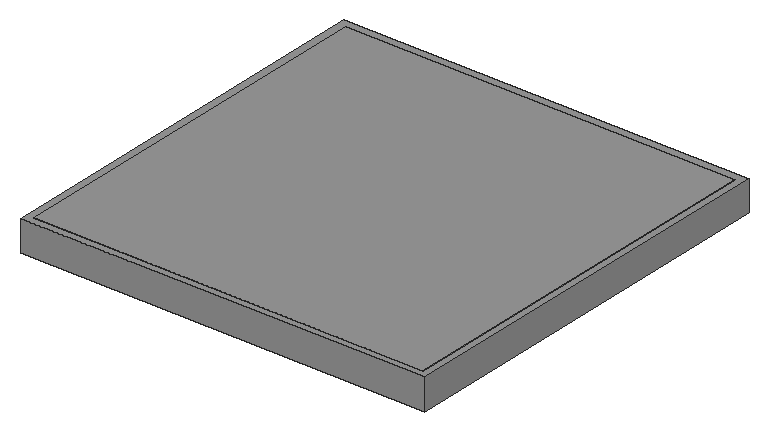
Revit family "ДВО-09 30 Вт Грильято DALI", category Осветительные приборы, Revit 2019 (continued)
Types (6, lengths in mm): name | Эффективность светильника | Файл фотометрической сетки | Тип рассеивателя | Световой поток модуля | built-in parameter 1150142 | Wattage | built-in parameter 1114217 | built-in parameter 1150134 | Lumens | built-in parameter 1150105 | Категория по ограничению яркости | built-in parameter 1150107 | built-in parameter 1150106 | Габаритная яркость | Артикул | URL
    147.8 143.3 139.5 134.9 131.1 126.7 123 118.6 114.9 110.8 107.2 103.1 99.8 96 92.8 89.1 86.2 82.9 80.1 76.9 74.4 71.6 69.1 66.4 64.2 61.8 59.7 57.5 55.6 53.6 51.8 49.9 48.3 46.6 45.1 43.5 42.1 40.6 39.3 38 36.9 35.6 34.5 33.3 32.3 31.1 30.1 28.8 27.8 26.5 25.3 24 22.8 21.4 20.1 18.7 17.4 15.9 14.6 13.1 11.7 10.3 8.9 7.5 6.4 5.2 4.4\r\n433.4 433.4 433.5 433.5 433.4 433.3 433.2 433.3 433.1 433 432.8 432.6 432.3 432.1 431.8 431.4 431.2 430.6 430.4 429.7 429.3 428.7 428.2 427.4 427 426.3 425.6 424.9 424.1 423.4 422.5 421.6 420.8 419.8 418.9 417.7 416.7 415.4 414.3 412.9 411.8 410.3 408.9 407.4 405.9 404.4 402.8 401 399.3 397.6 395.9 393.9 392.3 390.2 388.4 386.1 384.2 381.9 379.8 377.4 375.3 372.6 370.1 367.4 364.7 361.7 358.7 355.4 352.3 348.6 345.2 341.2 337.6 333.2 329.2 324.4 320.3 315.3 310.7 305.6 301 295.8 291 285.7 281.1 276 271.3 266.2 261.9 256.9 252.5 247.7 243.5 238.5 234.4 229.7 225.5 220.6 216.4 211.8 207.6 202.9 198.8 194.4 190.4 185.8 181.9 177.5 173.8 169.4 165.6 161.5 157.9 153.7 150.3 146.3 142.9 138.9 135.6 131.9 128.7 125 121.9 118.4 115.4 111.9 108.9 105.7 102.8 99.5 96.7 93.7 91 87.9 85.4 82.5 79.9 77 74.7 72 69.6 67.1 64.7 62.2 59.9 57.4 55.3 52.9 50.8 48.5 46.5 44.3 42.5 40.5 38.9 37.1 35.5 34 32.6 31.2 29.8 28.4 27.3 25.9 24.7 23.3 22.2 20.9 19.7 18.4 17.2 16 14.8 13.5 12.3 11.1 10 8.8 7.7 6.6 5.6\r\n433.6 433.6 433.6 433.6 433.6 433.6 433.4 433.4 433.2 433 432.8 432.5 432.2 431.8 431.5 431.1 430.8 430.2 429.9 429.3 428.9 428.1 427.5 426.7 426.1 425.3 424.6 423.7 422.9 422.1 421.3 420.4 419.4 418.4 417.4 416.1 415 413.7 412.5 411.1 409.8 408.4 407 405.3 403.8 402.1 400.5 398.5 396.8 394.9 393 390.8 388.8 386.5 384.3 381.8 379.6 377 374.6 371.7 369.1 366 363 359.6 356.3 352.6 349 344.7 340.9 336.3 332 327.1 322.7 317.6 312.8 307.5 303 297.8 293 287.9 283.4 278.4 274 269.1 264.9 260.3 256 251.3 247.3 242.8 238.6 234.2 230.2 225.5 221.6 217.1 213 208.3 204.4 199.8 195.8 191.2 187.3 183 179.1 174.7 170.9 166.7 163.1 158.9 155.3 151.4 147.9 143.9 140.6 136.8 133.5 129.6 126.3 122.6 119.3 115.5 112.3 108.7 105.6 101.9 98.9 95.5 92.6 89.3 86.5 83.6 80.9 77.9 75.5 72.8 70.4 67.7 65.6 63.2 61.1 58.9 56.9 54.7 52.8 50.7 48.9 46.7 44.9 43 41.3 39.5 38 36.5 35.2 33.8 32.6 31.3 30.3 29.1 28 26.7 25.7 24.4 23.2 21.9 20.7 19.3 18 16.6 15.4 14 12.7 11.3 10.1 8.8 7.7 6.5 5.7 4.9 4.2\r\n433.7 433.7 433.8 433.8 433.8 433.8 433.7 433.5 433.3 433 432.8 432.5 432.1 431.6 431.3 430.8 430.4 429.9 429.5 428.9 428.4 427.6 426.9 426 425.3 424.4 423.6 422.5 421.7 420.8 420 419.1 418.1 417 415.9 414.6 413.4 412 410.8 409.2 407.9 406.4 405 403.3 401.7 399.9 398.2 396.1 394.3 392.1 390.1 387.7 385.4 382.8 380.3 377.5 375 372.1 369.3 366 362.9 359.3 355.8 351.8 348 343.5 339.2 334.1 329.4 324 318.8 312.9 307.8 301.9 296.5 290.7 285.7 280.2 275.2 270.1 265.8 261.1 257 252.5 248.7 244.5 240.7 236.4 232.8 228.7 224.8 220.6 216.9 212.5 208.8 204.5 200.6 196.1 192.3 187.9 184.1 179.6 175.8 171.6 167.9 163.6 159.9 155.9 152.3 148.3 144.9 141.2 137.9 134.1 130.9 127.3 124 120.2 117 113.3 110 106.1 102.8 99.1 95.8 91.9 88.8 85.3 82.5 79.1 76.4 73.4 70.9 67.9 65.6 63 60.9 58.4 56.5 54.4 52.6 50.7 49 47.3 45.7 43.9 42.4 40.6 39.1 37.5 36.1 34.8 33.5 32.5 31.5 30.4 29.6 28.7 28 27 26.1 25 24.1 22.8 21.7 20.4 19.2 17.7 16.4 14.8 13.5 12 10.6 9.1 7.9 6.4 5.4 4.3 3.7 3.2 2.8\r\n433.6 433.6 433.6 433.6 433.7 433.6 433.6 433.4 433.3 433.1 432.8 432.5 432.2 431.8 431.5 431 430.6 430.1 429.7 429.2 428.6 427.9 427.2 426.4 425.8 424.9 424.1 423.2 422.3 421.5 420.7 419.7 418.8 417.7 416.7 415.4 414.3 413 411.8 410.3 409 407.5 406.1 404.4 402.9 401.1 399.5 397.5 395.8 393.8 391.8 389.6 387.5 385.1 382.8 380.3 377.9 375.2 372.4 369.3 366.4 363 359.6 355.7 352.2 347.9 343.8 339 334.7 329.8 325 319.7 315.1 309.9 305.1 300 295.6 290.7 286.3 281.6 277.7 273.2 269.3 265.1 261.4 257.3 253.5 249.3 245.8 241.7 237.8 233.7 230 225.5 221.7 217.4 213.5 208.9 205.1 200.6 196.7 192 188.2 183.8 180 175.5 171.8 167.5 163.9 159.6 156 151.9 148.2 143.9 140.3 136.1 132.3 127.8 124 119.6 115.7 111.2 107.3 103.1 99.3 95 91.5 87.5 84.2 80.4 77.3 73.9 71.1 67.8 65.2 62.3 59.9 57.2 55 52.7 50.7 48.6 46.9 45 43.4 41.7 40.4 38.9 37.5 36.3 35.2 34.2 33.2 32.3 31.6 30.8 30.1 29.4 28.8 27.9 27.2 26.3 25.4 24.4 23.5 22.4 21.3 20.1 18.9 17.4 16.1 14.5 12.9 11.2 9.8 8.2 7 5.6 4.7 3.8 3.1\r\n433.4 433.5 433.5 433.5 433.6 433.5 433.4 433.3 433.2 433.1 432.8 432.6 432.3 432 431.6 431.3 430.9 430.4 429.9 429.5 428.8 428.3 427.6 426.9 426.3 425.4 424.7 423.9 423 422.2 421.3 420.3 419.5 418.4 417.5 416.2 415.2 413.9 412.8 411.4 410.1 408.6 407.2 405.5 404.1 402.4 400.8 399 397.2 395.4 393.6 391.5 389.6 387.4 385.4 383 380.8 378.2 375.6 372.7 369.9 366.6 363.5 359.6 356.3 352.2 348.3 344 340 335.5 331.3 326.5 322.5 317.8 313.7 309.4 305.6 301.3 297.4 293.1 289.5 285.4 281.7 277.7 274.1 270.1 266.4 262.3 258.8 254.7 250.9 246.7 243 238.5 234.7 230.3 226.5 221.8 217.8 213.3 209.3 204.5 200.6 196.1 192.2 187.5 183.7 179.2 175.4 170.9 167.1 162.6 158.6 153.8 149.7 144.9 140.5 135.3 130.9 125.8 121.5 116.3 111.9 107 102.9 98 94.1 89.7 85.9 81.7 78.2 74.4 71.2 67.6 64.7 61.6 58.9 56 53.6 51 48.9 46.5 44.7 42.8 41.1 39.5 38.4 37.1 36 35.1 34.3 33.6 32.9 32.2 31.8 31.1 30.6 30 29.5 28.8 28.2 27.5 26.7 26 25.2 24.3 23.5 22.6 21.4 20 18.6 16.9 15.2 13.4 11.8 10 8.5 6.9 5.6 4.3 3.3\r\n433.4 433.6 433.6 433.6 433.6 433.6 433.5 433.5 433.4 433.2 432.9 432.7 432.4 432 431.7 431.2 430.8 430.3 429.8 429.3 428.7 428.2 427.7 427 426.4 425.6 424.9 424.1 423.2 422.4 421.6 420.5 419.7 418.6 417.8 416.6 415.5 414.3 413.2 411.8 410.5 409.1 407.7 406.1 404.7 403 401.4 399.5 397.8 395.9 394 391.9 390 387.7 385.6 383.1 380.7 378.1 375.3 372.3 369.4 366 362.6 358.7 355.3 351 347.1 342.7 338.7 334.1 330 325.3 321.3 316.8 312.7 308.4 304.7 300.5 296.6 292.5 288.9 284.8 281 277.1 273.5 269.5 265.8 261.7 258.2 254 250.2 245.9 242.2 237.7 233.9 229.5 225.6 221 217.1 212.6 208.6 203.9 199.9 195.5 191.5 186.7 182.8 178.2 174.2 169.4 165.4 160.8 156.6 151.7 147.5 142.6 138.3 133.1 128.8 123.7 119.4 114.2 109.9 105.1 101 96.2 92.3 88 84.4 80.2 76.9 73.3 70.2 66.8 64.1 61.1 58.6 55.9 53.7 51.3 49.3 47.3 45.6 43.8 42.4 40.9 39.8 38.7 37.7 36.8 36 35.2 34.6 33.8 33.3 32.6 32 31.3 30.7 29.9 29.2 28.4 27.5 26.6 25.6 24.5 23.5 22.3 21 19.5 18.1 16.4 14.7 13 11.4 9.7 8.2 6.6 5.3 4.1 3.3\r\n433.4 433.6 433.7 433.8 433.7 433.8 433.6 433.6 433.5 433.2 433 432.7 432.5 432 431.8 431.1 430.7 430.2 429.7 429.2 428.7 428.2 427.7 427.1 426.5 425.8 425.1 424.3 423.5 422.5 421.8 420.7 419.9 418.8 418 416.9 415.9 414.7 413.6 412.2 411 409.6 408.2 406.7 405.2 403.6 402 400 398.4 396.4 394.5 392.3 390.4 387.9 385.7 383.2 380.7 377.9 375.1 371.9 368.8 365.3 361.8 357.8 354.2 349.9 345.9 341.4 337.4 332.8 328.7 324.1 320.2 315.8 311.8 307.5 303.8 299.7 295.8 291.8 288.2 284.1 280.4 276.5 272.9 268.8 265.1 261.1 257.5 253.3 249.5 245.2 241.4 236.9 233.1 228.7 224.8 220.1 216.3 211.8 207.9 203.3 199.3 194.8 190.8 186 181.9 177.2 173.1 168 163.8 158.9 154.7 149.6 145.3 140.3 136 130.9 126.6 121.6 117.3 112.2 107.9 103.1 99.1 94.3 90.6 86.4 82.8 78.8 75.7 72.1 69.2 66 63.4 60.6 58.3 55.8 53.8 51.6 49.8 48 46.5 44.9 43.6 42.3 41.3 40.2 39.3 38.4 37.7 36.9 36.2 35.4 34.8 34.1 33.4 32.6 31.9 31.1 30.3 29.2 28.3 27.2 26 24.7 23.4 22 20.5 19 17.5 15.8 14.3 12.6 11.1 9.4 7.8 6.2 5 3.9 3.2\r\n433.4 433.5 433.6 433.6 433.6 433.6 433.4 433.4 433.3 433.1 432.9 432.7 432.4 432 431.8 431.3 431 430.4 430 429.5 429 428.4 428 427.3 426.7 426 425.3 424.6 423.8 423 422.2 421.2 420.4 419.3 418.4 417.3 416.3 415 413.9 412.5 411.4 410 408.6 407 405.6 404 402.4 400.5 398.9 397 395.2 393.1 391.3 389 387.1 384.6 382.5 379.9 377.5 374.6 372 368.9 366 362.6 359.4 355.8 352.3 348.4 344.9 340.7 336.9 332.7 328.9 324.5 320.5 315.9 312.1 307.5 303.3 298.7 294.6 290 285.7 281.1 277 272.4 268.2 263.7 259.7 255.1 251 246.4 242.5 237.7 233.7 229.2 225.1 220.4 216.4 211.8 207.8 203.1 199 194.6 190.6 185.9 181.9 177.4 173.4 168.7 164.7 160.2 156.3 151.6 147.8 143.3 139.5 134.9 131.1 126.7 123 118.6 114.9 110.8 107.2 103.1 99.8 96 92.8 89.1 86.2 82.9 80.1 76.9 74.4 71.6 69.1 66.4 64.2 61.8 59.7 57.5 55.6 53.6 51.8 49.9 48.3 46.6 45.1 43.5 42.1 40.6 39.3 38 36.9 35.6 34.5 33.3 32.3 31.1 30.1 28.8 27.8 26.5 25.3 24 22.8 21.4 20.1 18.7 17.4 15.9 14.6 13.1 11.7 10.3 8.9 7.5 6.4 5.2 4.4\r\n433.4 433.4 433.5 433.5 433.4 433.3 433.2 433.3 433.1 433 432.8 432.6 432.3 432.1 431.8 431.4 431.2 430.6 430.4 429.7 429.3 428.7 428.2 427.4 427 426.3 425.6 424.9 424.1 423.4 422.5 421.6 420.8 419.8 418.9 417.7 416.7 415.4 414.3 412.9 411.8 410.3 408.9 407.4 405.9 404.4 402.8 401 399.3 397.6 395.9 393.9 392.3 390.2 388.4 386.1 384.2 381.9 379.8 377.4 375.3 372.6 370.1 367.4 364.7 361.7 358.7 355.4 352.3 348.6 345.2 341.2 337.6 333.2 329.2 324.4 320.3 315.3 310.7 305.6 301 295.8 291 285.7 281.1 276 271.3 266.2 261.9 256.9 252.5 247.7 243.5 238.5 234.4 229.7 225.5 220.6 216.4 211.8 207.6 202.9 198.8 194.4 190.4 185.8 181.9 177.5 173.8 169.4 165.6 161.5 157.9 153.7 150.3 146.3 142.9 138.9 135.6 131.9 128.7 125 121.9 118.4 115.4 111.9 108.9 105.7 102.8 99.5 96.7 93.7 91 87.9 85.4 82.5 79.9 77 74.7 72 69.6 67.1 64.7 62.2 59.9 57.4 55.3 52.9 50.8 48.5 46.5 44.3 42.5 40.5 38.9 37.1 35.5 34 32.6 31.2 29.8 28.4 27.3 25.9 24.7 23.3 22.2 20.9 19.7 18.4 17.2 16 14.8 13.5 12.3 11.1 10 8.8 7.7 6.6 5.6\r\n433.6 433.6 433.6 433.6 433.6 433.6 433.4 433.4 433.2 433 432.8 432.5 432.2 431.8 431.5 431.1 430.8 430.2 429.9 429.3 428.9 428.1 427.5 426.7 426.1 425.3 424.6 423.7 422.9 422.1 421.3 420.4 419.4 418.4 417.4 416.1 415 413.7 412.5 411.1 409.8 408.4 407 405.3 403.8 402.1 400.5 398.5 396.8 394.9 393 390.8 388.8 386.5 384.3 381.8 379.6 377 374.6 371.7 369.1 366 363 359.6 356.3 352.6 349 344.7 340.9 336.3 332 327.1 322.7 317.6 312.8 307.5 303 297.8 293 287.9 283.4 278.4 274 269.1 264.9 260.3 256 251.3 247.3 242.8 238.6 234.2 230.2 225.5 221.6 217.1 213 208.3 204.4 199.8 195.8 191.2 187.3 183 179.1 174.7 170.9 166.7 163.1 158.9 155.3 151.4 147.9 143.9 140.6 136.8 133.5 129.6 126.3 122.6 119.3 115.5 112.3 108.7 105.6 101.9 98.9 95.5 92.6 89.3 86.5 83.6 80.9 77.9 75.5 72.8 70.4 67.7 65.6 63.2 61.1 58.9 56.9 54.7 52.8 50.7 48.9 46.7 44.9 43 41.3 39.5 38 36.5 35.2 33.8 32.6 31.3 30.3 29.1 28 26.7 25.7 24.4 23.2 21.9 20.7 19.3 18 16.6 15.4 14 12.7 11.3 10.1 8.8 7.7 6.5 5.7 4.9 4.2\r\n433.7 433.7 433.8 433.8 433.8 433.8 433.7 433.5 433.3 433 432.8 432.5 432.1 431.6 431.3 430.8 430.4 429.9 429.5 428.9 428.4 427.6 426.9 426 425.3 424.4 423.6 422.5 421.7 420.8 420 419.1 418.1 417 415.9 414.6 413.4 412 410.8 409.2 407.9 406.4 405 403.3 401.7 399.9 398.2 396.1 394.3 392.1 390.1 387.7 385.4 382.8 380.3 377.5 375 372.1 369.3 366 362.9 359.3 355.8 351.8 348 343.5 339.2 334.1 329.4 324 318.8 312.9 307.8 301.9 296.5 290.7 285.7 280.2 275.2 270.1 265.8 261.1 257 252.5 248.7 244.5 240.7 236.4 232.8 228.7 224.8 220.6 216.9 212.5 208.8 204.5 200.6 196.1 192.3 187.9 184.1 179.6 175.8 171.6 167.9 163.6 159.9 155.9 152.3 148.3 144.9 141.2 137.9 134.1 130.9 127.3 124 120.2 117 113.3 110 106.1 102.8 99.1 95.8 91.9 88.8 85.3 82.5 79.1 76.4 73.4 70.9 67.9 65.6 63 60.9 58.4 56.5 54.4 52.6 50.7 49 47.3 45.7 43.9 42.4 40.6 39.1 37.5 36.1 34.8 33.5 32.5 31.5 30.4 29.6 28.7 28 27 26.1 25 24.1 22.8 21.7 20.4 19.2 17.7 16.4 14.8 13.5 12 10.6 9.1 7.9 6.4 5.4 4.3 3.7 3.2 2.8\r\n433.6 433.6 433.6 433.6 433.7 433.6 433.6 433.4 433.3 433.1 432.8 432.5 432.2 431.8 431.5 431 430.6 430.1 429.7 429.2 428.6 427.9 427.2 426.4 425.8 424.9 424.1 423.2 422.3 421.5 420.7 419.7 418.8 417.7 416.7 415.4 414.3 413 411.8 410.3 409 407.5 406.1 404.4 402.9 401.1 399.5 397.5 395.8 393.8 391.8 389.6 387.5 385.1 382.8 380.3 377.9 375.2 372.4 369.3 366.4 363 359.6 355.7 352.2 347.9 343.8 339 334.7 329.8 325 319.7 315.1 309.9 305.1 300 295.6 290.7 286.3 281.6 277.7 273.2 269.3 265.1 261.4 257.3 253.5 249.3 245.8 241.7 237.8 233.7 230 225.5 221.7 217.4 213.5 208.9 205.1 200.6 196.7 192 188.2 183.8 180 175.5 171.8 167.5 163.9 159.6 156 151.9 148.2 143.9 140.3 136.1 132.3 127.8 124 119.6 115.7 111.2 107.3 103.1 99.3 95 91.5 87.5 84.2 80.4 77.3 73.9 71.1 67.8 65.2 62.3 59.9 57.2 55 52.7 50.7 48.6 46.9 45 43.4 41.7 40.4 38.9 37.5 36.3 35.2 34.2 33.2 32.3 31.6 30.8 30.1 29.4 28.8 27.9 27.2 26.3 25.4 24.4 23.5 22.4 21.3 20.1 18.9 17.4 16.1 14.5 12.9 11.2 9.8 8.2 7 5.6 4.7 3.8 3.1\r\n433.4 433.5 433.5 433.5 433.6 433.5 433.4 433.3 433.2 433.1 432.8 432.6 432.3 432 431.6 431.3 430.9 430.4 429.9 429.5 428.8 428.3 427.6 426.9 426.3 425.4 424.7 423.9 423 422.2 421.3 420.3 419.5 418.4 417.5 416.2 415.2 413.9 412.8 411.4 410.1 408.6 407.2 405.5 404.1 402.4 400.8 399 397.2 395.4 393.6 391.5 389.6 387.4 385.4 383 380.8 378.2 375.6 372.7 369.9 366.6 363.5 359.6 356.3 352.2 348.3 344 340 335.5 331.3 326.5 322.5 317.8 313.7 309.4 305.6 301.3 297.4 293.1 289.5 285.4 281.7 277.7 274.1 270.1 266.4 262.3 258.8 254.7 250.9 246.7 243 238.5 234.7 230.3 226.5 221.8 217.8 213.3 209.3 204.5 200.6 196.1 192.2 187.5 183.7 179.2 175.4 170.9 167.1 162.6 158.6 153.8 149.7 144.9 140.5 135.3 130.9 125.8 121.5 116.3 111.9 107 102.9 98 94.1 89.7 85.9 81.7 78.2 74.4 71.2 67.6 64.7 61.6 58.9 56 53.6 51 48.9 46.5 44.7 42.8 41.1 39.5 38.4 37.1 36 35.1 34.3 33.6 32.9 32.2 31.8 31.1 30.6 30 29.5 28.8 28.2 27.5 26.7 26 25.2 24.3 23.5 22.6 21.4 20 18.6 16.9 15.2 13.4 11.8 10 8.5 6.9 5.6 4.3 3.3\r\n433.4 433.5 433.3 433.3 433.2 433 432.8 432.6 432.4 432.2 431.8 431.5 431.2 430.9 430.5 430.1 429.6 429 428.4 427.8 427.1 426.5 425.7 424.9 424.2 423.3 422.5 421.6 420.6 419.7 418.7 417.7 416.7 415.5 414.4 413.2 412 410.6 409.2 407.8 406.3 404.7 403.2 401.4 399.7 397.8 396 394 391.9 389.9 387.7 385.4 382.9 380.5 377.9 375.2 372.2 369.3 366.1 363 359.6 356.2 352.6 348.9 345.1 341.2 337.1 333.1 328.8 324.7 320.4 316 311.7 307.4 303 298.9 294.6 290.5 286.3 282.2 278 274.1 270 266.2 262.1 258.2 254.2 250.3 246.3 242.4 238.3 234.2 230.3 226.2 222.2 218.1 214 210 205.9 201.8 197.7 193.5 189.5 185.3 181.2 177 172.8 168.6 164.4 160.1 155.9 151.6 147.3 142.8 138.5 134 129.6 125.1 120.8 116.3 112.1 107.8 103.7 99.6 95.7 91.7 88.1 84.4 80.9 77.5 74.3 71 68 65.1 62.3 59.6 57.2 54.7 52.4 50.3 48.3 46.4 44.6 43 41.6 40.2 39 37.9 36.9 36 35.1 34.3 33.5 32.7 32 31.2 30.5 29.7 29 28.2 27.3 26.5 25.6 24.7 23.7 22.7 21.6 20.5 19.3 17.9 16.4 14.8 13.2 11.6 10 8.5 7.1 5.8 4.8 3.9 3.3\r\n433.4 433.4 433.2 433.1 432.8 432.5 432.2 431.9 431.6 431.2 430.8 430.5 430.2 429.8 429.4 428.8 428.3 427.7 426.9 426.2 425.5 424.7 423.8 422.9 422.2 421.2 420.2 419.3 418.3 417.2 416.2 415 413.9 412.7 411.3 410.1 408.7 407.3 405.7 404.2 402.6 400.9 399.1 397.3 395.2 393.3 391.1 389.1 386.6 384.3 381.8 379.3 376.2 373.5 370.3 367.3 363.7 360.4 356.7 353.4 349.3 345.8 341.8 338.2 333.9 330.1 325.9 322.2 317.6 313.8 309.4 305.5 300.9 297 292.4 288.4 283.6 279.8 275.3 271.3 266.6 262.8 258.4 254.6 250.1 246.4 242.1 238.4 233.9 230.1 225.7 221.8 217.6 213.9 209.6 205.8 201.6 198.1 193.9 190.2 186.1 182.5 178.4 174.5 170.3 166.4 162 158 153.4 149.4 144.8 140.5 135.9 131.8 127.3 123.1 118.6 114.8 110.6 106.7 102.8 99.3 95.5 92.1 88.6 85.5 82.1 79.1 75.9 73.3 70.3 67.6 64.8 62.5 59.8 57.7 55.4 53.5 51.2 49.6 47.7 46.3 44.5 43.3 42 40.9 39.7 38.7 37.7 36.9 35.9 35 34.1 33.2 32.2 31.4 30.3 29.4 28.4 27.5 26.4 25.6 24.4 23.4 22.2 21.1 19.7 18.5 17.1 15.7 14.2 12.8 11.3 9.8 8.2 7 5.7 4.8 4 3.5 3.3\r\n433.4 433.4 433.2 433.1 432.8 432.6 432.3 432 431.7 431.3 431 430.6 430.3 429.8 429.4 428.9 428.3 427.7 426.9 426.3 425.6 424.8 424 423.2 422.4 421.5 420.5 419.7 418.6 417.5 416.4 415.4 414.1 412.9 411.5 410.3 408.9 407.5 405.8 404.3 402.6 401 399.1 397.3 395.2 393.4 391.2 389.1 386.6 384.3 381.7 379.2 376.1 373.4 370.2 367.2 363.5 360.3 356.6 353.2 349.2 345.7 341.7 338.1 333.8 330.2 325.9 322.3 317.7 314.1 309.7 305.9 301.4 297.7 293.4 289.7 285.1 281.5 277.3 273.6 269.2 265.5 261.3 257.7 253.3 249.6 245.4 241.8 237.3 233.6 229.2 225.4 221.1 217.5 213.2 209.3 205.1 201.5 197.2 193.5 189.2 185.5 181.3 177.3 172.8 168.8 164.2 160 155.3 151.1 146.3 142 137.2 133 128.4 124.2 119.7 115.9 111.6 107.7 103.7 100.2 96.4 93 89.4 86.3 82.9 79.9 76.6 73.8 70.8 68.1 65.2 62.9 60.2 58.1 55.8 53.9 51.8 50
